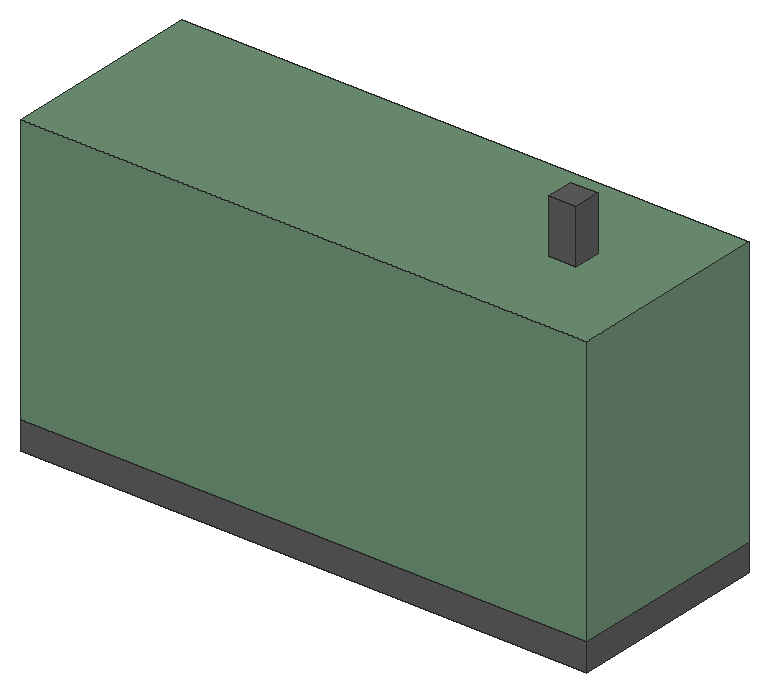
Revit family "GEN_Diesel Generator Set", category Electrical Equipment, Revit 2025
Family settings
  Panel Configuration = Two Columns, Circuits Across
  Round Connector Dimension = Use Diameter
  Part Type = Panelboard
  OmniClass Number = 23.80.30.11.17
  OmniClass Title = Distribution Boards and Control Panels
  Work Plane-Based = No
  Always vertical = Yes
  Cut with Voids When Loaded = No
  Maintain Annotation Orientation = No
  Shared = No
  Room Calculation Point = No
Parameters (values of type "500 kVA Standby 400/230V")
  Width = 4200 mm
  built-in parameter 1140142 [instance] = -1
  built-in parameter 1140140 [instance] = 1 (stored number, unit not read)
  Height = 2200 mm
  Genset Rating = "500 kVA standby, 400/230 V, 50 Hz (example)"
  built-in parameter 1155100 [instance] = -1
  Depth = 1500 mm
  Default Elevation = 0 mm
  Canopy = "Soundproof, 75 dB(A) @ 7 m"
Reference planes
  plane 1 "Center (Front/Back)": y = 0
  plane 2: z = 0
  plane 3 "Center (Left/Right)": x = 0
  plane 4 "Left": x = -2100
  plane 5 "Right": x = 2100
  plane 6 "Front": y = -750
  plane 7 "Back": y = 750
  plane 8 "Top": z = 2200
Forms (mm)
  Extrusion 1, solid, material "Plinth Black"
    sketch origin (0, 0, 0) x (1, 0, 0) y (0, 1, 0)
      loop
        line (-2100, -750) -> (2100, -750) -> (2100, 750) -> (-2100, 750) -> (-2100, -750)
    from 0 to 200
  Extrusion 2, solid, material "Genset Canopy"
    sketch origin (0, 0, 200) x (1, 0, 0) y (0, 1, 0)
      loop
        line (-2100, -750) -> (2100, -750) -> (2100, 750) -> (-2100, 750) -> (-2100, -750)
    from 0 to 2000
  Extrusion 3, solid, material "Plinth Black"
    sketch origin (0, 0, 2200) x (1, 0, 0) y (0, 1, 0)
      loop
        line (1300, -100) -> (1500, -100) -> (1500, 100) -> (1300, 100) -> (1300, -100)
    from 0 to 400
Dimensions and locks
  equal spacing: plane 4 "Left", plane 3 "Center (Left/Right)", plane 5 "Right"
  "Width": plane 4 "Left" to plane 5 "Right"
  equal spacing: plane 6 "Front", plane 1 "Center (Front/Back)", plane 7 "Back"
  "Depth": plane 6 "Front" to plane 7 "Back"
  "Height": level to plane 8 "Top"
  aligned and locked: level to plane 2
  aligned and locked: Extrusion 1 to level
  aligned and locked: Extrusion 1 to plane 5 "Right"
  aligned and locked: plane 7 "Back" to Extrusion 1
  aligned and locked: plane 4 "Left" to Extrusion 1
  aligned and locked: Extrusion 1 to plane 6 "Front"
  aligned and locked: Extrusion 2 to plane 8 "Top"
  aligned and locked: Extrusion 2 to plane 5 "Right"
  aligned and locked: plane 7 "Back" to Extrusion 2
  aligned and locked: plane 4 "Left" to Extrusion 2
  aligned and locked: Extrusion 2 to plane 6 "Front"
  aligned and locked: plane 8 "Top" to Extrusion 3
Automatic sketch dimensions
  Extrusion 1 sketch curve to plane 4 "Left" = 0 mm
  Extrusion 1 sketch curve to plane 5 "Right" = 0 mm
  Extrusion 1 sketch curve to plane 6 "Front" = 0 mm
  Extrusion 1 sketch curve to plane 7 "Back" = 0 mm
  Extrusion 2 sketch curve to plane 4 "Left" = 0 mm
  Extrusion 2 sketch curve to plane 5 "Right" = 0 mm
  Extrusion 2 sketch curve to plane 6 "Front" = 0 mm
  Extrusion 2 sketch curve to plane 7 "Back" = 0 mm
  plane 1 "Center (Front/Back)" to Extrusion 3 sketch curve = 100 mm
  plane 5 "Right" to Extrusion 3 sketch curve = 800 mm
  Extrusion 3 sketch curve to plane 1 "Center (Front/Back)" = 100 mm
  Extrusion 3 sketch curve to Extrusion 3 sketch curve = 200 mm
